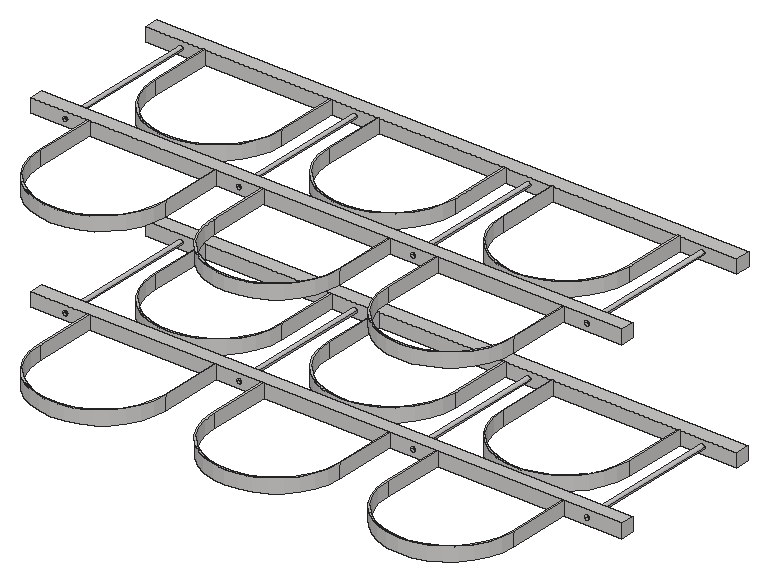
Revit family "Multi Container Bracket Assy-JCI_Sapphire_Plus-(70 bar) Novec1230", category Specialty Equipment, Revit 2017
Family settings
  Round Connector Dimension = Use Diameter
  Part Type = Normal
  OmniClass Number = 23.29.33.13.11
  Work Plane-Based = Yes
  Always vertical = No
  Cut with Voids When Loaded = No
  Shared = No
  Room Calculation Point = No
Parameters (values of type "120-150 L x 6")
  Width = 47.60 mm
  Use Annotation Scale [instance] = 0
  Upper Brackets Mounting Height [instance] = 800.00 mm
  URL = "http://www.sapphireplus.com"
  Type Comments = "311700008"
  Product Page URL = ""
  Product Documentation Link = ""
  Pipe Diameter = 12.70 mm
  Part Number = Model  # "311700008"
  Part Description = "Container Bracket Assembly-Sapphire Plus"  # constant formula
  Model Disclaimer = "For More Information Contact JOHNSON CONTROLS"  # constant formula
  Model = "311700008"
  Material = JCI - Metal - Steel
  Manufacturer = "Johnson Controls, Inc."  # constant formula
  Lower Brackets Mounting Height [instance] = 300.00 mm
  Length = 47.60 mm
  Height = 41.00 mm
  Fire Suppression Agent = "3M™ Novec™ 1230 Fire Protection Fluid"  # constant formula
  Family Version = "1.0"  # constant formula
  Equipment Number = "XXX"  # constant formula
  Equipment Abbreviation = "MCB"  # constant formula
  Discharge Flow = 0 GPM
  Diameter = 47.60 mm
  Description = "Container Bracket Assembly-Sapphire Plus"  # constant formula
  Default Elevation = 0.00 mm
  Date Modified = "YYYY/MM/DD"  # constant formula
  Date Created = "2018/10/10"  # constant formula
  Copyright © = "Copyright © 2001-2018 Johnson Controls Inc."  # constant formula
  Container Bracket Assy Type = Container Bracket Assy-JCI_Sapphire_Plus-(70 bar) Novec1230 : 120-150 L x 6
Types (6, lengths in mm): name | Type Comments | Product Page URL | Product Documentation Link | Part Number | Model | Material | Container Bracket Assy Type
  120-150 L x 4 | "311700007" | "" | "" | "311700007" | "311700007" | JCI - Metal - Brass - Satin | Container Bracket Assy-JCI_Sapphire_Plus-(70 bar) Novec1230 : 120-150 L x 4
  120-150 L x 6 | "311700008" | "" | "" | "311700008" | "311700008" | JCI - Metal - Steel | Container Bracket Assy-JCI_Sapphire_Plus-(70 bar) Novec1230 : 120-150 L x 6
  120-150 L x 8 | "311700009" | "" | "" | "311700009" | "311700009" | JCI - Metal - Brass - Satin | Container Bracket Assy-JCI_Sapphire_Plus-(70 bar) Novec1230 : 120-150 L x 8
  PESO 120-180 L x 4 | "311700010" | "http://www.sapphireplus.com" | "http://www.sapphireplus.com" | "311700010" | "311700010" | JCI - Metal - Brass - Satin | Container Bracket Assy-JCI_Sapphire_Plus-(70 bar) Novec1230 : PESO 120-180 L x 4
  PESO 120-180 L x 6 | "311700011" | "" | "" | "311700011" | "311700011" | JCI - Metal - Brass - Satin | Container Bracket Assy-JCI_Sapphire_Plus-(70 bar) Novec1230 : PESO 120-180 L x 6
  PESO 120-180 L x 8 | "311700012" | "" | "" | "311700012" | "311700012" | JCI - Metal - Steel | Container Bracket Assy-JCI_Sapphire_Plus-(70 bar) Novec1230 : PESO 120-180 L x 8
Reference planes
  plane 1 "Center (Front/Back)": y = 0
  plane 2: z = 0
  plane 3 "Center (Left/Right)": x = 0
  plane 4 "Lower Brackets Mounting Height": z = 300
  plane 5 "Upper Brackets Mounting Height": z = 800
Dimensions and locks
  "Lower Brackets Mounting Height": plane 4 "Lower Brackets Mounting Height" to level
  "Upper Brackets Mounting Height": plane 5 "Upper Brackets Mounting Height" to level
  aligned and locked: level to plane 2
  aligned and locked: plane 3 "Center (Left/Right)" to nested 1
  aligned and locked: plane 1 "Center (Front/Back)" to nested 1
  aligned and locked: plane 3 "Center (Left/Right)" to nested 2
  aligned and locked: plane 1 "Center (Front/Back)" to nested 2
Nested families
  nested 1: "Container Bracket Assy-JCI_Sapphire_Plus-(70 bar) Novec1230" at (0, 0, 300), type <- "Container Bracket Assy Type", type "120-150 L x 6"
    with Use Annotation Scale 0
  nested 2: "Container Bracket Assy-JCI_Sapphire_Plus-(70 bar) Novec1230" at (0, 0, 800), type <- "Container Bracket Assy Type", type "120-150 L x 6"
    with Use Annotation Scale 0
Definition of nested family "Container Bracket Assy-JCI_Sapphire_Plus-(70 bar) Novec1230"
  Parameters (values of type "PESO 120-180 L x 8")
    Width = 47.60 mm
    Use Annotation Scale [instance] = 0
    URL = "http://www.sapphireplus.com"
    STRAPS ARRAY = 4
    Pipe Diameter = 12.70 mm
    Part Number = Model  # "311700012"
    Part Description = Description  # "Multi Container Bracket"
    Model Disclaimer = "For More Information Contact JOHNSON CONTROLS"  # constant formula
    Model = "311700012"
    Material = none
    Manufacturer = "Johnson Controls, Inc."  # constant formula
    Length = 47.60 mm
    Height = 41.00 mm
    Fire Suppression Agent = "3M™ Novec™ 1230 Fire Protection Fluid"  # constant formula
    Family Version = "1.0"  # constant formula
    Equipment Number = "XXX"  # constant formula
    Equipment Abbreviation = "MBA"  # constant formula
    Discharge Flow = 0 GPM
    Diameter = 47.60 mm
    Description = "Multi Container Bracket"  # constant formula
    Default Elevation = 0.00 mm
    Date Modified = "YYYY/MM/DD"  # constant formula
    Date Created = "2018/10/10"  # constant formula
    Copyright © = "Copyright © 2001-2018 Johnson Controls Inc."  # constant formula
    Container Size = 406.00 mm
    Channel Length = (STRAPS ARRAY * 500.00 mm) + 200.00 mm  # 2200.00 mm
    BARS ARRAY = STRAPS ARRAY + 1  # 5
    Bar Length = 460.00 mm
  Types (6, lengths in mm): name | STRAPS ARRAY | Part Number | Model | Container Size | Channel Length | BARS ARRAY | Bar Length
    120-150 L x 4 | 2 | "311700007" | "311700007" | 360.00 | 1200.00 | 3 | 415.00
    120-150 L x 6 | 3 | "311700008" | "311700008" | 360.00 | 1700.00 | 4 | 415.00
    120-150 L x 8 | 4 | "311700009" | "311700009" | 360.00 | 2200.00 | 5 | 415.00
    PESO 120-180 L x 8 | 4 | "311700012" | "311700012" | 406.00 | 2200.00 | 5 | 460.00
    PESO 120-180 L x 6 | 3 | "311700011" | "311700011" | 406.00 | 1700.00 | 4 | 460.00
    PESO 120-180 L x 4 | 2 | "311700010" | "311700010" | 406.00 | 1200.00 | 3 | 460.00
  Reference planes
    plane 1 "Center (Front/Back)": y = 0
    plane 2: z = 0
    plane 3 "Center (Left/Right)": x = 0
    plane 4 "Container Size Length": x = -203
    plane 5 "Container Size Width": y = -203
    plane 6 "Length": y = 203
    plane 7 "Container Size Length Offset": x = 203
    plane 8 "Channel Length": x = -350
    plane 9 "Bar Length": y = -257
    plane 10 "Channel Length Offset": x = 1850
    plane 11 "Channel Length Ref": x = -250
  Dimensions and locks
    equal spacing: plane 4 "Container Size Length", plane 3 "Center (Left/Right)", plane 7 "Container Size Length Offset"
    equal spacing: plane 5 "Container Size Width", plane 1 "Center (Front/Back)", plane 6 "Length"
    "Container Size": plane 4 "Container Size Length" to plane 7 "Container Size Length Offset"
    "Container Size": plane 5 "Container Size Width" to plane 6 "Length"
    locked: plane 8 "Channel Length" to plane 11 "Channel Length Ref" at 100
    "Bar Length": plane 9 "Bar Length" to plane 6 "Length"
    "Channel Length": plane 8 "Channel Length" to plane 10 "Channel Length Offset"
    locked: plane 11 "Channel Length Ref" to plane 3 "Center (Left/Right)" at 250
    equal spacing: group 1, group 2, group 8, group 11  (x3)
    locked: nested 3 to nested 4 at 500
    equal spacing: group 3, group 5, group 6, group 9, group 12  (x3)
    locked: nested 5 to nested 7 at 500
    equal spacing: group 4, group 7, group 10, group 13  (x3)
    locked: nested 6 to nested 9 at 500
    aligned and locked: level to plane 2
    aligned and locked: plane 8 "Channel Length" to nested 1
    aligned and locked: plane 6 "Length" to nested 1
    aligned and locked: plane 8 "Channel Length" to nested 2
    aligned and locked: nested 2 to plane 9 "Bar Length"
    aligned and locked: plane 1 "Center (Front/Back)" to nested 3
    aligned and locked: plane 3 "Center (Left/Right)" to nested 3
    aligned and locked: plane 11 "Channel Length Ref" to nested 5
    aligned and locked: plane 6 "Length" to nested 5  (x2)
    aligned and locked: plane 9 "Bar Length" to nested 6  (x2)
    aligned and locked: plane 3 "Center (Left/Right)" to nested 6
    aligned and locked: plane 6 "Length" to nested 7
    aligned and locked: nested 9 to plane 9 "Bar Length"
  Nested families
    nested 1: "Channel Slotted-JCI_Sapphire_Plus-(70 bar)Novec1230" at (-350, 203, 0), type "Channel Slotted-JCI_Sapphire_Plus-(70 bar)Novec1230"
      with Use Annotation Scale 0, Channel Length 2200.00 mm
    nested 2: "Channel Slotted-JCI_Sapphire_Plus-(70 bar)Novec1230" at (-350, -257, 0), type "Channel Slotted-JCI_Sapphire_Plus-(70 bar)Novec1230"
      with Use Annotation Scale 0, Channel Length 2200.00 mm
    nested 3: "Container Strap-JCI_Sapphire_Plus-(70 bar)Novec1230" at (0, 0, 0), type "Container Strap-JCI_Sapphire_Plus-(70 bar)Novec1230"
      with Use Annotation Scale 0, Container Size 406.00 mm
    nested 4: "Container Strap-JCI_Sapphire_Plus-(70 bar)Novec1230" at (500, 0, 0), type "Container Strap-JCI_Sapphire_Plus-(70 bar)Novec1230"
      with Use Annotation Scale 0, Container Size 406.00 mm
    nested 5: "Bar-JCI_Sapphire_Plus-(70 bar)Novec1230" at (-250, 203, 0), Bar Length <- "Bar Length", type "Bar-JCI_Sapphire_Plus-(70 bar)Novec1230"
      with Use Annotation Scale 0, Equipment Tag Number "", Bar Length 460.00 mm
    nested 6: "Container Strap-JCI_Sapphire_Plus-(70 bar)Novec1230" at (0, -460, 0), type "Container Strap-JCI_Sapphire_Plus-(70 bar)Novec1230"
      with Use Annotation Scale 0, Container Size 406.00 mm
    nested 7: "Bar-JCI_Sapphire_Plus-(70 bar)Novec1230" at (250, 203, 0), Bar Length <- "Bar Length", type "Bar-JCI_Sapphire_Plus-(70 bar)Novec1230"
      with Use Annotation Scale 0, Equipment Tag Number "", Bar Length 460.00 mm
    nested 8: "Bar-JCI_Sapphire_Plus-(70 bar)Novec1230" at (750, 203, 0), Bar Length <- "Bar Length", type "Bar-JCI_Sapphire_Plus-(70 bar)Novec1230"
      with Use Annotation Scale 0, Equipment Tag Number "", Bar Length 460.00 mm
    nested 9: "Container Strap-JCI_Sapphire_Plus-(70 bar)Novec1230" at (500, -460, 0), type "Container Strap-JCI_Sapphire_Plus-(70 bar)Novec1230"
      with Use Annotation Scale 0, Container Size 406.00 mm
    nested 10: "Container Strap-JCI_Sapphire_Plus-(70 bar)Novec1230" at (1000, 0, 0), type "Container Strap-JCI_Sapphire_Plus-(70 bar)Novec1230"
      with Use Annotation Scale 0, Container Size 406.00 mm
    nested 11: "Bar-JCI_Sapphire_Plus-(70 bar)Novec1230" at (1250, 203, 0), Bar Length <- "Bar Length", type "Bar-JCI_Sapphire_Plus-(70 bar)Novec1230"
      with Use Annotation Scale 0, Equipment Tag Number "", Bar Length 460.00 mm
    nested 12: "Container Strap-JCI_Sapphire_Plus-(70 bar)Novec1230" at (1000, -460, 0), type "Container Strap-JCI_Sapphire_Plus-(70 bar)Novec1230"
      with Use Annotation Scale 0, Container Size 406.00 mm
    nested 13: "Container Strap-JCI_Sapphire_Plus-(70 bar)Novec1230" at (1500, 0, 0), type "Container Strap-JCI_Sapphire_Plus-(70 bar)Novec1230"
      with Use Annotation Scale 0, Container Size 406.00 mm
    nested 14: "Bar-JCI_Sapphire_Plus-(70 bar)Novec1230" at (1750, 203, 0), Bar Length <- "Bar Length", type "Bar-JCI_Sapphire_Plus-(70 bar)Novec1230"
      with Use Annotation Scale 0, Equipment Tag Number "", Bar Length 460.00 mm
    nested 15: "Container Strap-JCI_Sapphire_Plus-(70 bar)Novec1230" at (1500, -460, 0), type "Container Strap-JCI_Sapphire_Plus-(70 bar)Novec1230"
      with Use Annotation Scale 0, Container Size 406.00 mm
  Definition of nested family "Channel Slotted-JCI_Sapphire_Plus-(70 bar)Novec1230"
    Parameters (values of type "Channel Slotted-JCI_Sapphire_Plus-(70 bar)Novec1230")
      Width = 47.60 mm
      Use Annotation Scale [instance] = 0
      URL = "http://www.sapphireplus.com"
      Product Page URL = "http://www.sapphireplus.com"
      Product Documentation Link = "http://www.sapphireplus.com"
      Pipe Diameter = 12.70 mm
      Part Number = if(Channel Length = 400.00 mm, "14267", if(Channel Length = 600.00 mm, "14269", "NA"))  # "14269"
      Part Description = "Channel Slotted"  # constant formula
      Model Disclaimer = "For More Information Contact JOHNSON CONTROLS"  # constant formula
      Model = Part Number  # "14269"
      Material = none
      Manufacturer = "Johnson Controls, Inc."  # constant formula
      Length = 47.60 mm
      Height = 41.00 mm
      Fire Suppression Agent = "3M™ Novec™ 1230 Fire Protection Fluid"  # constant formula
      Family Version = "1.0"  # constant formula
      Equipment Number = "XXX"  # constant formula
      Equipment Abbreviation = "CS"  # constant formula
      Discharge Flow = 0 GPM
      Diameter = 47.60 mm
      Description = "Channel Slotted"  # constant formula
      Default Elevation = 0.00 mm
      Date Modified = "YYYY/MM/DD"  # constant formula
      Date Created = "2018/10/10"  # constant formula
      Copyright © = "Copyright © 2001-2018 Johnson Controls Inc."  # constant formula
      Channel Length = 600.00 mm
    Reference planes
      plane 1 "Center (Front/Back)": y = 0
      plane 2: z = 0
      plane 3 "Center (Left/Right)": x = 0
      plane 4: y = 40
      plane 5 "Channel Length": x = 600
      plane 6 "Channel Length Top": z = 20
      plane 7 "Channel Length Bottom": z = -20
    Forms (mm)
      Extrusion 1, solid
        sketch origin (0, 0, 0) x (1, 0, 0) y (0, 1, 0)
          loop
            line (0, 0) -> (600, 0) -> (600, 40) -> (0, 40) -> (0, 0)
        from -20 to 20
    Dimensions and locks
      locked: plane 4 to plane 1 "Center (Front/Back)" at 40
      "Channel Length": plane 3 "Center (Left/Right)" to plane 5 "Channel Length"
      equal spacing: plane 6 "Channel Length Top", plane 2, plane 7 "Channel Length Bottom"
      locked: plane 6 "Channel Length Top" to plane 7 "Channel Length Bottom" at 40
      aligned and locked: level to plane 2
      aligned and locked: plane 1 "Center (Front/Back)" to Extrusion 1 sketch curve
      aligned and locked: Extrusion 1 sketch curve to plane 3 "Center (Left/Right)"
      aligned and locked: plane 4 to Extrusion 1 sketch curve
      aligned and locked: plane 5 "Channel Length" to Extrusion 1 sketch curve
      aligned and locked: plane 7 "Channel Length Bottom" to Extrusion 1
      aligned and locked: plane 6 "Channel Length Top" to Extrusion 1
  Definition of nested family "Container Strap-JCI_Sapphire_Plus-(70 bar)Novec1230"
    Parameters (values of type "Container Strap-JCI_Sapphire_Plus-(70 bar)Novec1230")
      Width = 47.60 mm
      Use Annotation Scale [instance] = 0
      URL = "http://www.sapphireplus.com"
      Product Page URL = "http://www.sapphireplus.com"
      Product Documentation Link = "http://www.sapphireplus.com"
      Pipe Diameter = 12.70 mm
      Part Number = ""
      Part Description = "Container Strap"  # constant formula
      Model Disclaimer = "For More Information Contact JOHNSON CONTROLS"  # constant formula
      Material = none
      Manufacturer = "Johnson Controls, Inc."  # constant formula
      Length = 47.60 mm
      Height = 41.00 mm
      Fire Suppression Agent = "3M™ Novec™ 1230 Fire Protection Fluid"  # constant formula
      Family Version = "1.0"  # constant formula
      Equipment Number = "XXX"  # constant formula
      Equipment Abbreviation = "CS"  # constant formula
      Discharge Flow = 0 GPM
      Diameter = 47.60 mm
      Description = "Container Strap"  # constant formula
      Default Elevation = 0.00 mm
      Date Modified = "YYYY/MM/DD"  # constant formula
      Date Created = "2018/10/10"  # constant formula
      Copyright © = "Copyright © 2001-2018 Johnson Controls Inc."  # constant formula
      Container Size = 360.00 mm
    Reference planes
      plane 1 "Center (Front/Back)": y = 0
      plane 2: z = 0
      plane 3 "Center (Left/Right)": x = 0
      plane 4 "Container Dia Left": x = -180
      plane 5 "Container Size Top": y = 180
      plane 6 "Container Size Bottom": y = -180
      plane 7 "Container Dia Right": x = 180
      plane 8 "Container Dia Offset": x = -184
      plane 9 "Strap Height Top": z = 20
      plane 10 "Strap Height Bottom": z = -20
    Forms (mm)
      Extrusion 1, solid
        sketch origin (0, 0, 0) x (1, 0, 0) y (0, 1, 0)
          loop
            line (-184, 180) -> (-184, 0)
            arc (-184, 0) -> (0, -184) -> (184, 0) r 184
            line (184, 0) -> (184, 180) -> (180, 180) -> (180, 0)
            arc (180, 0) -> (0, -180) -> (-180, 0) r 180
            line (-180, 0) -> (-180, 180) -> (-184, 180)
        from -20 to 20
    Dimensions and locks
      equal spacing: plane 4 "Container Dia Left", plane 3 "Center (Left/Right)", plane 7 "Container Dia Right"
      equal spacing: plane 6 "Container Size Bottom", plane 1 "Center (Front/Back)", plane 5 "Container Size Top"
      "Container Size": plane 4 "Container Dia Left" to plane 7 "Container Dia Right"
      "Container Size": plane 5 "Container Size Top" to plane 6 "Container Size Bottom"
      locked: plane 8 "Container Dia Offset" to plane 4 "Container Dia Left" at 4
      equal spacing: plane 9 "Strap Height Top", plane 2, plane 10 "Strap Height Bottom"
      locked: plane 9 "Strap Height Top" to plane 10 "Strap Height Bottom" at 40
      aligned and locked: level to plane 2
      aligned and locked: Extrusion 1 sketch curve to plane 5 "Container Size Top"
      aligned and locked: plane 5 "Container Size Top" to Extrusion 1 sketch curve
      aligned and locked: Extrusion 1 sketch curve to plane 7 "Container Dia Right"
      aligned and locked: Extrusion 1 sketch curve to plane 4 "Container Dia Left"
      aligned and locked: Extrusion 1 sketch curve to plane 8 "Container Dia Offset"
      aligned and locked: plane 10 "Strap Height Bottom" to Extrusion 1
      aligned and locked: plane 9 "Strap Height Top" to Extrusion 1
    Automatic sketch dimensions
      Extrusion 1 sketch curve to Extrusion 1 sketch curve = 0.00 mm  (x2)
      plane 1 "Center (Front/Back)" to Extrusion 1 sketch curve = 0.00 mm
  Definition of nested family "Bar-JCI_Sapphire_Plus-(70 bar)Novec1230"
    Parameters (values of type "Bar-JCI_Sapphire_Plus-(70 bar)Novec1230")
      Width = 47.60 mm
      Use Annotation Scale [instance] = 0
      URL = "http://www.sapphireplus.com"
      Pipe Diameter = 12.70 mm
      Material = none
      Manufacturer = "Johnson Controls, Inc."  # constant formula
      Length = 47.60 mm
      Height = 41.00 mm
      Family Version = "1.0"  # constant formula
      Equipment Tag Number [instance] = ""
      Equipment Tag = "DN"  # constant formula
      Discharge Flow = 0 GPM
      Diameter = 47.60 mm
      Description = "Bar"  # constant formula
      Default Elevation = 0.00 mm
      Copyright © = "Copyright © 2001-2018 Johnson Controls Inc."  # constant formula
      Bar Length [instance] = 420.00 mm
    Reference planes
      plane 1 "Center (Front/Back)": y = 0
      plane 2: z = 0
      plane 3 "Center (Left/Right)": x = 0
      plane 4: x = -6
      plane 5 "Bar Length": y = -420
    Forms (mm)
      Revolve 1, solid
        sketch origin (0, 0, 0) x (1, 0, 0) y (0, 1, 0)
          loop
            line (0, 0) -> (-6, 0) -> (-6, -420) -> (0, -420) -> (0, 0)
          axis (0, 0) -> (0, -420)
        angle from 0 to 360
    Dimensions and locks
      locked: plane 4 to plane 3 "Center (Left/Right)" at 6
      "Bar Length": plane 5 "Bar Length" to plane 1 "Center (Front/Back)"
      aligned and locked: level to plane 2
      aligned and locked: Revolve 1 sketch curve to plane 1 "Center (Front/Back)"
      aligned and locked: plane 3 "Center (Left/Right)" to Revolve 1 sketch curve
      aligned and locked: Revolve 1 sketch curve to plane 5 "Bar Length"
      aligned and locked: Revolve 1 sketch curve to plane 4
      aligned and locked: Revolve 1 sketch curve to plane 3 "Center (Left/Right)"
    Automatic sketch dimensions
      Revolve 1 sketch curve to plane 5 "Bar Length" = 1104.00 mm
      Revolve 1 sketch curve to Revolve 1 sketch curve = 1524.00 mm
